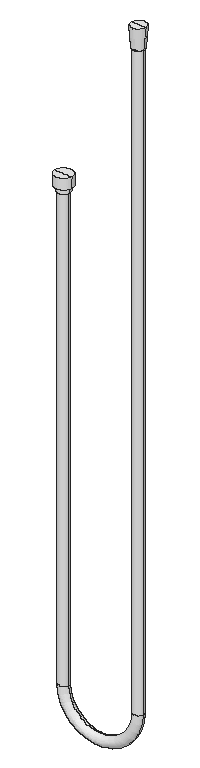
Revit family "Hand_Shower_Hose-American_Standard-8888.035", category Plumbing Fixtures, host Face, Revit 2019
Family settings
  Host = Face
  Round Connector Dimension = Use Diameter
  Part Type = Normal
  OmniClass Number = 23.45.05.14.17
  OmniClass Title = Showers
  Cut with Voids When Loaded = No
  Shared = Yes
  Room Calculation Point = No
Parameters (values of type "8888.035.002")
  Width = 5"
  Waste Connection = no
  Warranty Information = "Limited 1-Year Warranty"  # constant formula
  WFU = 2  # constant formula
  Vent Connection = no
  URL = "https://www.americanstandard-us.com/"
  Type Comments = ""
  Product Page URL = "https://www.americanstandard.ca/bathroom/shower-faucets/hand-shower-showerhose-43681?variant=polished-chrome"
  Product Documentation Link = "https://www.americanstandard.ca/-/media/sites/asus/files/product-specs/bulk/specsheet8888035.pdf?la=en-CA"
  Price = "Prices may vary. Please consult Manufacturer Representative for most up-to-date price list."  # constant formula
  Model = "8888.035.002"
  Material = "Brass-American Standard-002-Polished Chrome"
  Manufacturer = "American Standard"  # constant formula
  Length = 0"
  Installation Type = "Wall-Mounted"
  Hot Water Connection Radius = Hot Water Connection Diameter / 2  # 1/4"
  Hot Water Connection Diameter = Cold Water Connection Diameter  # 1/2"
  Height = 23 5/8"
  HWFU = 2  # constant formula
  HW Connection = yes
  Finish = Brass-American Standard-002-Polished Chrome
  Description = "Handshower Metal Shower Hose.Threads directly on 1/2\" NPSM male threaded personal hand held shower."
  Default Elevation = 44"
  Creation Date = "12/15/2020"  # constant formula
  Cold Water Connection Radius = 1/4"
  Cold Water Connection Diameter = Cold Water Connection Radius * 2  # 1/2"
  CWFU = 1  # constant formula
  CW Connection = yes
  Assembly Code = "D2010710"
Types (7): name | Width | Model | Material | Length | Height | Finish
  (no name) | 5" | "8888.035.002" | "Brass-American Standard-002-Polished Chrome" | 0" | 23 5/8" | Brass-American Standard-002-Polished Chrome
  8888.035.002 | 5" | "8888.035.002" | "Brass-American Standard-002-Polished Chrome" | 0" | 23 5/8" | Brass-American Standard-002-Polished Chrome
  8888.035.295 | 5" | "8888.035.295" | "Brass-American Standard-295-Satin PVD" | 0" | 23 5/8" | Brass-American Standard-295-Satin PVD
  8888.035.278 | 5" | "8888.035.278" | "Brass-American Standard-278-Legacy Bronze" | 0" | 23 5/8" | Brass-American Standard-278-Legacy Bronze
  8888.035.243 | 5" | "8888.035.243" | "Brass-American Standard-243-Matte Black" | 0" | 23 5/8" | Brass-American Standard-243-Matte Black
  8888.035.224 | 5" | "8888.035.224" | "Brass-American Standard-224-Oil Rubbed Bronze" | 0" | 23 5/8" | Brass-American Standard-224-Oil Rubbed Bronze
  8888.035.013 | 0" | "8888.035.013" | "Brass-American Standard-013-Polished Nickel" | 59" | 0" | Brass-American Standard-013-Polished Nickel
Reference planes (in)
  plane 1 "Center (Front/Back)": y = 0
  plane 2: z = 0
  plane 3 "Center (Left/Right)": x = 0
  plane 4: x = -3.77344
  plane 5: z = 2.5
  plane 6: z = 1.35868
Forms (in)
  Sweep 1, solid, material "Brass-American Standard-002-Polished Chrome" <- "Finish"
    path origin (41.99439, 1.05475, -66.4545) x (-1, 0, 0) y (0, 0, -1)
      loop
        line (41.99439, -65.42325) -> (41.99439, -35.42325)
        arc (41.99439, -35.42325) -> (43.88111, -33.53653) -> (45.76783, -35.42325) r 1.88672
        line (45.76783, -35.42325) -> (45.76783, -57.67325)
    profile origin (0, 1.05475, -16.03125) x (0, -1, 0) y (1, 0, 0)
      loop
        circle (1.05475, 0) r 0.25279
  Revolve 2, solid, material "Brass-American Standard-002-Polished Chrome" <- "Finish"
    sketch origin (0, 0, 0) x (1, 0, 0) y (0, 0, 1)
      loop
        line (0, 0) -> (-0.36623, 0) -> (-0.29707, -0.98908)
        arc (-0.29707, -0.98908) -> (-0.2812, -1.0192) -> (-0.24936, -1.03125) r 0.04807
        line (-0.24936, -1.03125) -> (0, -1.03125) -> (0, 0)
      axis (0, -1.03125) -> (0, 0)
    angle from 0 to 360
  Revolve 3, solid, material "Brass-American Standard-002-Polished Chrome" <- "Finish"
    sketch origin (0, 0, 0) x (1, 0, 0) y (0, 0, 1)
      loop
        line (-3.77344, -8.78125) -> (-3.77344, -8.03125) -> (-4.20644, -8.03125) -> (-4.20644, -8.53125) -> (-4.09213, -8.53125) -> (-4.09213, -8.78125) -> (-3.77344, -8.78125)
      axis (-3.77344, -8.78125) -> (-3.77344, -8.03125)
    angle from 0 to 360
Dimensions and locks (in)
  aligned and locked: plane 2 to host face
  aligned and locked: plane 1 "Center (Front/Back)" to Sweep 1
  aligned and locked: Sweep 1 sketch curve to plane 3 "Center (Left/Right)"
  aligned and locked: Sweep 1 sketch curve to plane 4
  aligned and locked: level to plane 2
  aligned and locked: Revolve 2 sketch curve to plane 3 "Center (Left/Right)"
  aligned and locked: Revolve 2 sketch curve to level
  aligned and locked: Revolve 2 sketch curve to Sweep 1
  aligned and locked: Revolve 2 sketch curve to Revolve 2 sketch curve  (x2)
  aligned and locked: Revolve 3 sketch curve to plane 4
  aligned and locked: Sweep 1 to Revolve 3 sketch curve
  aligned and locked: Revolve 3 sketch curve to Revolve 3 sketch curve  (x2)
